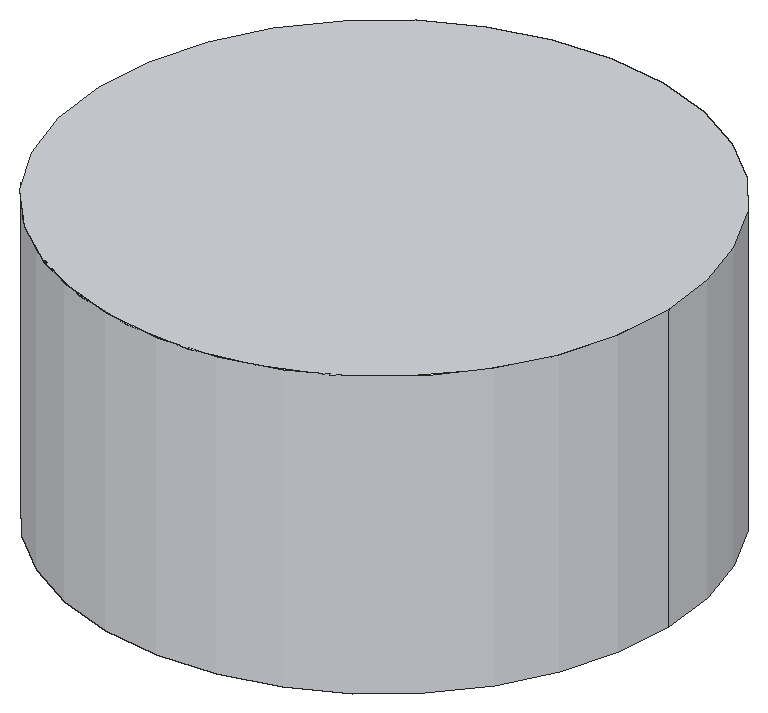
Revit family "10100850", category Specialty Equipment, Revit 2023
Family settings
  Round Connector Dimension = Use Diameter
  Part Type = Normal
  OmniClass Number = 23.40.40.00
  OmniClass Title = Food Service Equipment and Furnishings
  Work Plane-Based = No
  Enable Cutting in Views = Yes
  Always vertical = Yes
  Cut with Voids When Loaded = No
  Maintain Annotation Orientation = No
  Shared = No
  Room Calculation Point = No
Parameters (values of type "Standard")
  URL = "https://www.rustfriebergh.no/produkter/serveringsdisker/serveringsdisker-2/serveringsmonter-rbk-drop-in"
  Model = "10100850"
  Manufacturer = "RUSTFRIEBERGH AS"
  Description = "Serveringsmonter RBK-800-DI"
  Default Elevation = 0 mm
Reference planes
  plane 1 "Center (Front/Back)": y = 0
  plane 2: z = 0
  plane 3 "Center (Left/Right)": x = 0
Forms (mm)
  Extrusion 1, solid
    sketch origin (126.5, -11, 487.3) x (1, 0, 0) y (0, 1, 0)
      loop
        circle (0, 0) r 3.048
    from 0 to -3.048
Dimensions and locks
  aligned and locked: level to plane 2
Connectors
  electrical at (126.5, -11, 487.3)
    settings: on Extrusion 1, index 1, voltage 230 V, apparent load 596 VA, apparent load phase1 0 VA, apparent load phase2 0 VA, apparent load phase3 0 VA, power factor 0, load classification "Other", number of poles 1, system type 30, power factor state 1, is connector primary yes, connector utility no, sub classification motor no, connector description "STRØMART"
